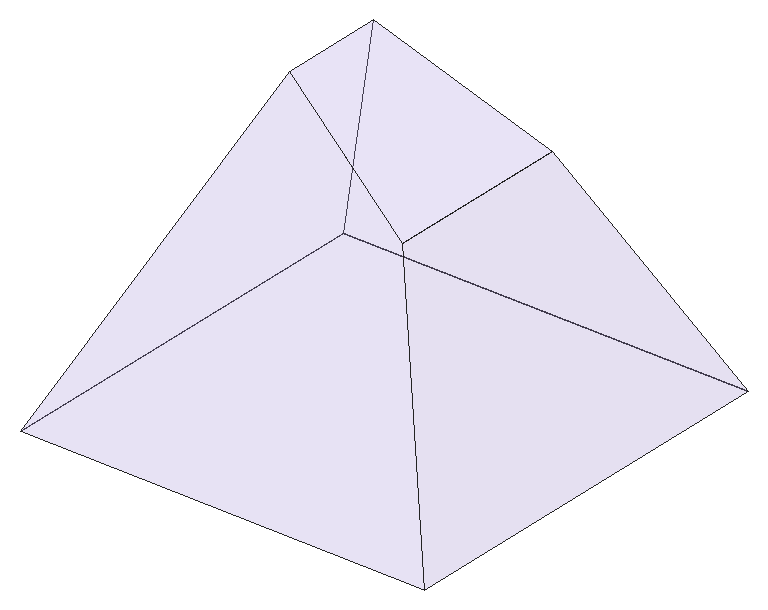
Revit family
Parameters
  Width [instance] = 30' - 0"
  Mass Material [instance] = Default Mass
  Height [instance] = 30' - 0"
  Depth [instance] = 30' - 0"
  Default Elevation = 4' - 0"
  Cut Height [instance] = 20' - 0"
  Cut Angel [instance] = 30.00°
Reference planes (in)
  plane 1 "Center (Front/Back)": y = 0.51003
  plane 2: z = 0
  plane 3 "Center (Left/Right)": x = -1.19137
  plane 4: y = 180.51003
  plane 5: x = 178.80863
  plane 6: x = -181.19137
  plane 7: y = -179.48997
  plane 8: z = 360
  plane 9: z = 240
  plane 10: z = 600
Forms (in)
  Extrusion 1, solid, material "Default Mass"
    sketch origin (0, 0, 0) x (1, 0, 0) y (0, 1, 0)
      loop
        line (-181.19137, 180.51003) -> (-181.19137, -179.48997) -> (178.80863, -179.48997) -> (178.80863, 180.51003) -> (-181.19137, 180.51003)
    from 0 to 360
  Extrusion 2, void
    sketch origin (0, 0.51003, 0) x (1, 0, 0) y (0, 0, 1)
      loop
        line (-187.19137, 0) -> (-175.19137, 0) -> (-1.19137, 360) -> (172.80863, 0) -> (184.80863, 0) -> (184.80863, 366) -> (-187.19137, 366) -> (-187.19137, 0)
    from -180 to 180
  Extrusion 3, void
    sketch origin (-1.19137, 0, 0) x (0, 1, 0) y (0, 0, 1)
      loop
        line (186.51003, 0) -> (186.51003, 366) -> (-185.48997, 366) -> (-185.48997, 0) -> (-173.68352, 0) -> (0.51003, 360) -> (174.70357, 0) -> (186.51003, 0)
    from -180 to 180
  Extrusion 4, void
    sketch origin (0, 0.51003, 0) x (1, 0, 0) y (0, 0, 1)
      loop
        line (178.80863, 136.07695) -> (178.80863, 600) -> (-181.19137, 600) -> (-181.19137, 343.92305) -> (178.80863, 136.07695)
    from -180 to 180
Cuts and joins
  Extrusion 2, Extrusion 3, Extrusion 4 cuts Extrusion 1
Lines and regions (in)
  reference lines
    curve 1: line (-1.19137, 0.51003, 240) -> (-32.36828, 0.51003, 258)
Dimensions and locks (in)
  equal spacing: plane 6, plane 3 "Center (Left/Right)", plane 5
  "Width": plane 6 to plane 5
  equal spacing: plane 4, plane 1 "Center (Front/Back)", plane 7
  "Depth": plane 4 to plane 7
  locked: plane 6 to Extrusion 2 sketch curve at 6
  locked: Extrusion 2 sketch curve to plane 8 at 6
  locked: Extrusion 2 sketch curve to plane 5 at 6
  locked: Extrusion 3 sketch curve to plane 4 at 6
  locked: Extrusion 3 sketch curve to plane 8 at 6
  locked: plane 7 to Extrusion 3 sketch curve at 6
  "Cut Height": plane 9 to plane 2
  "Height": plane 10 to plane 9
  locked: plane 2 to level
  "Height": plane 8 to plane 2
  "Cut Angel": angle curve 1 to plane 9
  aligned and locked: Extrusion 1 sketch curve to plane 5
  aligned and locked: Extrusion 1 sketch curve to plane 6
  aligned and locked: Extrusion 1 sketch curve to plane 4
  aligned and locked: Extrusion 1 sketch curve to plane 7
  aligned and locked: plane 8 to Extrusion 1
  aligned and locked: Extrusion 2 sketch curve to Extrusion 2 sketch curve
  aligned and locked: Extrusion 2 sketch curve to cut or joined group of Extrusion 1, Extrusion 2, Extrusion 3, Extrusion 4
  aligned and locked: Extrusion 2 to plane 4
  aligned and locked: Extrusion 2 to plane 7
  aligned and locked: cut or joined group of Extrusion 1, Extrusion 2, Extrusion 3, Extrusion 4 to Extrusion 3 sketch curve
  aligned and locked: Extrusion 3 to plane 6
  aligned and locked: Extrusion 3 to plane 5
  aligned and locked: Extrusion 2 sketch curve to plane 2  (x2)
  aligned and locked: plane 2 to Extrusion 3 sketch curve  (x2)
  aligned and locked: cut or joined group of Extrusion 1, Extrusion 2, Extrusion 3, Extrusion 4 to plane 2
  aligned and locked: Extrusion 4 sketch curve to curve 1
  aligned and locked: plane 6 to Extrusion 4 sketch curve
  aligned and locked: Extrusion 4 sketch curve to plane 10
  aligned and locked: Extrusion 4 sketch curve to plane 5
  aligned and locked: plane 5 to Extrusion 4 sketch curve
  aligned and locked: Extrusion 4 to plane 4
  aligned and locked: Extrusion 4 to plane 7
Automatic sketch dimensions
  Extrusion 2 sketch curve to plane 3 "Center (Left/Right)" = 0' - 0"
  plane 6 to Extrusion 2 sketch curve = 0' - 6"
  Extrusion 2 sketch curve to plane 5 = 0' - 6"
  Extrusion 3 sketch curve to plane 1 "Center (Front/Back)" = 0' - 0"
  plane 7 to Extrusion 3 sketch curve = 0' - 5.80645"
  Extrusion 3 sketch curve to plane 4 = 0' - 5.80645"
  curve 1 to plane 3 "Center (Left/Right)" = 0' - 0"
  curve 1 to plane 9 = 0' - 0"
